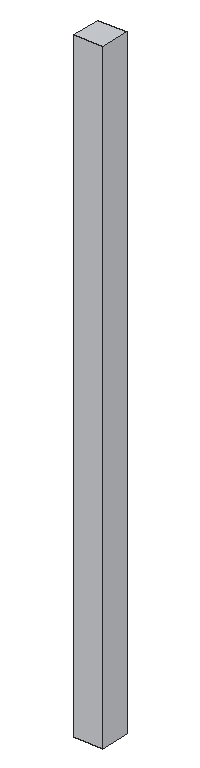
Revit family "Power Pole-GA", category Electrical Fixtures, Revit 2020
Family settings
  Maintain Annotation Orientation = No
  Round Connector Dimension = Use Diameter
  Part Type = Normal
  OmniClass Number = 23.80.30.14.24
  OmniClass Title = Junction Boxes
  Work Plane-Based = No
  Always vertical = Yes
  Cut with Voids When Loaded = No
  Shared = No
  Room Calculation Point = No
Parameters (values of type "Standard")
  Width = 0' - 4"
  Voltage = 120 V
  Number of Poles = 1
  Load Classification = R
  Load = 0 VA
  Default Elevation = 0' - 0"
  Height = 7' - 0"
  Depth = 0' - 4"
  Assembly Code = ""
Reference planes (in)
  plane 1 "Center (Front/Back)": y = 0
  plane 2: z = 0
  plane 3 "Center (Left/Right)": x = 0
  plane 4: y = 2
  plane 5: y = -2
  plane 6: x = -2
  plane 7: x = 2
  plane 8: z = 84
Forms (in)
  Extrusion 1, solid, detail levels fine
    sketch origin (-6, 0, 0) x (1, 0, 0) y (0, 1, 0)
      loop
        line (4, 2) -> (4, -2) -> (8, -2) -> (8, 2) -> (4, 2)
    from 0 to 84
Dimensions and locks (in)
  "Height": level to plane 8
  equal spacing: plane 6, plane 3 "Center (Left/Right)", plane 7
  "Width": plane 6 to plane 7
  equal spacing: plane 4, plane 1 "Center (Front/Back)", plane 5
  "Depth": plane 4 to plane 5
  aligned and locked: Extrusion 1 sketch curve to plane 4
  aligned and locked: plane 5 to Extrusion 1 sketch curve
  aligned and locked: plane 8 to Extrusion 1
  aligned and locked: Extrusion 1 to plane 6
  aligned and locked: Extrusion 1 to plane 7
Automatic sketch dimensions
  Extrusion 1 sketch curve to plane 3 "Center (Left/Right)" = 0' - 2"
  plane 3 "Center (Left/Right)" to Extrusion 1 sketch curve = 0' - 2"
Nested families (in)
  nested 1: "Annotation Power Pole Symbol-GA" at (0, 0, 0), type "Standard", detail levels coarse+medium
Connectors (in)
  electrical at (0, 0, 84), driven by "Voltage", driven by "Load", driven by "Number of Poles", driven by "Load", driven by "Load Classification"
    settings: on Extrusion 1, index 1, voltage 120 V, apparent load 0 VA, apparent load phase1 0 VA, apparent load phase2 166.667 VA, apparent load phase3 166.667 VA, power factor 1, load classification "R", number of poles 1, system type 30, power factor state 1, is connector primary yes, connector utility no, sub classification motor no, connector description ""
  electrical at (0, 0, 84), driven by "Voltage", driven by "Load", driven by "Number of Poles", driven by "Load", driven by "Load Classification"
    settings: on Extrusion 1, index 2, voltage 120 V, apparent load 0 VA, apparent load phase1 0 VA, apparent load phase2 166.667 VA, apparent load phase3 166.667 VA, power factor 1, load classification "R", number of poles 1, system type 30, power factor state 1, is connector primary no, connector utility no, sub classification motor no, connector description ""
  electrical at (0, -2, 42)
    settings: on Extrusion 1, index 3, voltage 0 V, apparent load 0 VA, apparent load phase1 0 VA, apparent load phase2 0 VA, apparent load phase3 0 VA, power factor 1, load classification "Other", number of poles 1, system type 31, power factor state 1, is connector primary no, connector utility no, sub classification motor no, connector description ""
  electrical at (0, 2, 42)
    settings: on Extrusion 1, index 4, voltage 0 V, apparent load 0 VA, apparent load phase1 0 VA, apparent load phase2 0 VA, apparent load phase3 0 VA, power factor 1, load classification "Other", number of poles 1, system type 31, power factor state 1, is connector primary no, connector utility no, sub classification motor no, connector description ""
  electrical at (0, -2, 42)
    settings: on Extrusion 1, index 5, voltage 0 V, apparent load 0 VA, apparent load phase1 0 VA, apparent load phase2 0 VA, apparent load phase3 0 VA, power factor 1, load classification "Other", number of poles 1, system type 31, power factor state 1, is connector primary no, connector utility no, sub classification motor no, connector description ""
  electrical at (0, 2, 42)
    settings: on Extrusion 1, index 6, voltage 0 V, apparent load 0 VA, apparent load phase1 0 VA, apparent load phase2 0 VA, apparent load phase3 0 VA, power factor 1, load classification "Other", number of poles 1, system type 31, power factor state 1, is connector primary no, connector utility no, sub classification motor no, connector description ""
  electrical at (0, 2, 42)
    settings: on Extrusion 1, index 7, voltage 0 V, apparent load 0 VA, apparent load phase1 0 VA, apparent load phase2 0 VA, apparent load phase3 0 VA, power factor 1, load classification "Other", number of poles 1, system type 31, power factor state 1, is connector primary no, connector utility no, sub classification motor no, connector description ""
  electrical at (0, 2, 42)
    settings: on Extrusion 1, index 8, voltage 0 V, apparent load 0 VA, apparent load phase1 0 VA, apparent load phase2 0 VA, apparent load phase3 0 VA, power factor 1, load classification "Other", number of poles 1, system type 31, power factor state 1, is connector primary no, connector utility no, sub classification motor no, connector description ""
  electrical at (-2, 0, 42)
    settings: on Extrusion 1, index 9, voltage 0 V, apparent load 0 VA, apparent load phase1 0 VA, apparent load phase2 0 VA, apparent load phase3 0 VA, power factor 1, load classification "Other", number of poles 1, system type 31, power factor state 1, is connector primary no, connector utility no, sub classification motor no, connector description ""
  electrical at (0, 0, 0)
    settings: on Extrusion 1, index 10, voltage 0 V, apparent load 0 VA, apparent load phase1 0 VA, apparent load phase2 0 VA, apparent load phase3 0 VA, power factor 1, load classification "Other", number of poles 1, system type 31, power factor state 1, is connector primary no, connector utility no, sub classification motor no, connector description ""
  electrical at (2, 0, 42)
    settings: on Extrusion 1, index 11, voltage 0 V, apparent load 0 VA, apparent load phase1 0 VA, apparent load phase2 0 VA, apparent load phase3 0 VA, power factor 1, load classification "Other", number of poles 1, system type 31, power factor state 1, is connector primary no, connector utility no, sub classification motor no, connector description ""
Definition of nested family "Annotation Power Pole Symbol-GA"
  Reference planes (in)
    plane 1: y = 0
    plane 2: x = 0
  Lines and regions (in)
    detail lines
      curve 1: line (-0.10156, -0.10156, 0) -> (0.10156, -0.10156, 0)
      curve 2: line (-0.10156, 0.10156, 0) -> (-0.10156, -0.10156, 0)
      curve 3: line (0.10156, 0.10156, 0) -> (-0.10156, 0.10156, 0)
      curve 4: line (0.10156, 0.10156, 0) -> (0.10156, -0.10156, 0)
  Text (in)
    text "PP" at (-0.08849, 0.07556, 0)
